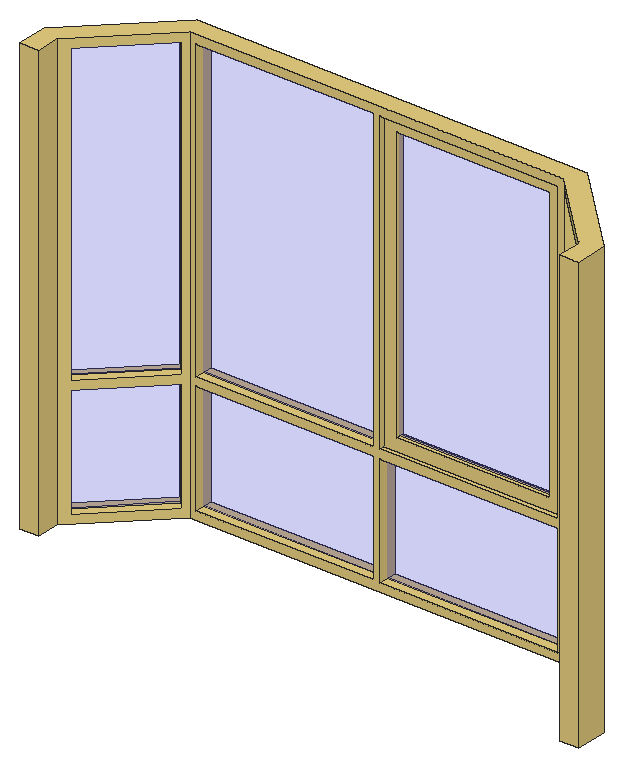
Revit family "WBY_A3-Bay-2707x2107-BW2106-18-06", category Windows, host Wall, Revit 2016
Family settings
  Host = Wall
  Always vertical = Yes
  Cut with Voids When Loaded = No
  Shared = No
  Room Calculation Point = No
Parameters (values of type "2707 x 2107 BW2106 18 06")
  half = Frame Thickness / 2  # 45 mm
  URL = "www.canterbury.com.au"
  Panel Thickness = 40 mm
  Offset = (Frame Thickness - Glass Thickness) / 2  # 41 mm
  Model = "Bay Window"
  Manufacturer Code = "BW2106 18 06"
  Manufacturer = "Caterbury"
  Height = 2107 mm
  Wall Closure = By host
  Width = 2707 mm
  Head Height = 2300 mm
  Glass Thickness = 8 mm
  Glass Material = Glass
  Frame Thickness = 90 mm
  Frame Material = Kiln Dried Wood
  Assembly Code = "B2020100"
Reference planes
  plane 1 "Center": y = 0
  plane 2 "Center (Left/Right)": x = 0
  plane 3 "Left": x = -1353.5
  plane 4 "Right": x = 1353.5
  plane 5 "Sill": z = 193
  plane 6 "Head": z = 2300
  plane 7 "Exterior": y = 75
  plane 8 "Interior": y = -75
  plane 9: y = 485
  plane 10: z = 2260
  plane 11: z = 233
  plane 12: z = 793
  plane 13: z = 813
  plane 14: z = 773
  plane 15: y = 440
Forms (mm)
  Extrusion 1, solid, material "Kiln Dried Wood" <- "Frame Material"
    sketch origin (0, 0, 0) x (1, 0, 0) y (0, 1, 0)
      loop
        line (-1353.5, -75) -> (-1263.5, -75) -> (-1263.5, 37.721) -> (-906.221, 395) -> (906.221, 395) -> (1263.5, 37.721) -> (1263.5, -75) -> (1353.5, -75) -> (1353.5, 75) -> (943.5, 485) -> (-943.5, 485) -> (-1353.5, 75) -> (-1353.5, -75)
    from 193 to 2300
  Extrusion 2, void
    sketch origin (0, 0, 0) x (1, 0, 0) y (0, 1, 0)
      loop
        line (-1226.221, 75) -> (-927.434, 373.787) -> (-991.074, 437.426) -> (-1289.86, 138.64) -> (-1226.221, 75)
      loop
        line (-876.221, 485) -> (-876.221, 395) -> (-15, 395) -> (-15, 485) -> (-876.221, 485)
      loop
        line (876.221, 485) -> (15, 485) -> (15, 395) -> (876.221, 395) -> (876.221, 485)
      loop
        line (1226.221, 75) -> (1289.86, 138.64) -> (991.074, 437.426) -> (927.434, 373.787) -> (1226.221, 75)
    from 233 to 773
  Extrusion 3, void
    sketch origin (0, 0, 0) x (1, 0, 0) y (0, 1, 0)
      loop
        line (-1226.221, 75) -> (-927.434, 373.787) -> (-991.074, 437.426) -> (-1289.86, 138.64) -> (-1226.221, 75)
      loop
        line (-876.221, 485) -> (-876.221, 395) -> (-15, 395) -> (-15, 485) -> (-876.221, 485)
      loop
        line (876.221, 485) -> (15, 485) -> (15, 395) -> (876.221, 395) -> (876.221, 485)
      loop
        line (1226.221, 75) -> (1289.86, 138.64) -> (991.074, 437.426) -> (927.434, 373.787) -> (1226.221, 75)
    from 813 to 2260
  Extrusion 4, solid, material "Glass" <- "Glass Material"
    sketch origin (0, 0, 0) x (1, 0, 0) y (0, 1, 0)
      loop
        line (-876.221, 444) -> (-876.221, 436) -> (-15, 436) -> (-15, 444) -> (-876.221, 444)
      loop
        line (15, 444) -> (15, 436) -> (876.221, 436) -> (876.221, 444) -> (15, 444)
      loop
        line (-1255.212, 103.991) -> (-956.425, 402.778) -> (-962.082, 408.435) -> (-1260.869, 109.648) -> (-1255.212, 103.991)
      loop
        line (956.425, 402.778) -> (1255.212, 103.991) -> (1260.869, 109.648) -> (962.082, 408.435) -> (956.425, 402.778)
    from 233 to 773
  Extrusion 5, solid, material "Kiln Dried Wood" <- "Frame Material"
    sketch origin (0, 75, 0) x (1, 0, 0) y (0, 0, 1)
      loop
        line (876.221, 2260) -> (15, 2260) -> (15, 813) -> (876.221, 813) -> (876.221, 2260)
      loop
        line (816.221, 2200) -> (75, 2200) -> (75, 873) -> (816.221, 873) -> (816.221, 2200)
    from -385 to -345
  Extrusion 6, solid, material "Glass" <- "Glass Material"
    sketch origin (0, 0, 0) x (1, 0, 0) y (0, 1, 0)
      loop
        line (-876.221, 444) -> (-876.221, 436) -> (-15, 436) -> (-15, 444) -> (-876.221, 444)
      loop
        line (-1255.212, 103.991) -> (-956.425, 402.778) -> (-962.082, 408.435) -> (-1260.869, 109.648) -> (-1255.212, 103.991)
      loop
        line (956.425, 402.778) -> (1255.212, 103.991) -> (1260.869, 109.648) -> (962.082, 408.435) -> (956.425, 402.778)
    from 813 to 2260
  Extrusion 7, solid, material "Glass" <- "Glass Material"
    sketch origin (0, 0, 0) x (1, 0, 0) y (0, 1, 0)
      loop
        line (75, 444) -> (75, 436) -> (816.221, 436) -> (816.221, 444) -> (75, 444)
    from 873 to 2200
Cuts and joins
  Extrusion 2, Extrusion 3 cuts Extrusion 1
Lines and regions (mm)
  Opening 1
    outline origin (3500, -75, 0) x (1, 0, 0) y (0, 0, 1)
      loop
        line (-2146.5, 193) -> (-2146.5, 2300) -> (-4853.5, 2300) -> (-4853.5, 193) -> (-2146.5, 193)
  symbolic lines, style "Elevation Swing"
    curve 1: line (816.221, 75, 2200) -> (445.61, 75, 873)
    curve 2: line (75, 75, 2200) -> (445.61, 75, 873)
Text (mm)
  text "EXTERIOR" at (-2585.082, 1332.353, 0), in view "Ref. Level"
  text "INTERIOR" at (-2585.082, -818.386, 0), in view "Ref. Level"
  text "Exterior" at (0, 923.751, 2943.296), in view "Right"
  text "Exterior" at (0, 1040.484, 2685.409), in view "Left"
Dimensions and locks
  equal spacing: plane 3 "Left", plane 2 "Center (Left/Right)", plane 4 "Right"
  "Width": plane 3 "Left" to plane 4 "Right"
  "Height": plane 5 "Sill" to plane 6 "Head"
  locked: plane 7 "Exterior" to host wall at 0
  locked: plane 8 "Interior" to host wall
  "Head Height": level to plane 6 "Head"
  locked: plane 9 to plane 7 "Exterior" at 410
  "Frame Thickness": Extrusion 1 sketch curve to Extrusion 1 sketch curve  (x3)
  locked: plane 5 "Sill" to plane 11 at 40
  locked: plane 10 to plane 6 "Head" at 40
  locked: plane 5 "Sill" to plane 12 at 600
  locked: plane 14 to plane 12 at 20
  locked: plane 12 to plane 13 at 20
  locked: Extrusion 2 sketch curve to plane 2 "Center (Left/Right)" at 15  (x2)
  locked: Extrusion 1 to Extrusion 2 sketch curve at 30  (x2)
  locked: Extrusion 2 sketch curve to Extrusion 1 at 30  (x2)
  "Offset": Extrusion 4 sketch curve to cut or joined group of Extrusion 1, Extrusion 2, Extrusion 3
  "Offset": cut or joined group of Extrusion 1, Extrusion 2, Extrusion 3 to Extrusion 4 sketch curve  (x5)
  locked: Extrusion 5 sketch curve to Extrusion 5 sketch curve at 60  (x4)
  "Panel Thickness": Extrusion 5 to Extrusion 5
  "half": plane 9 to plane 15
  equal spacing: Extrusion 5, plane 15, Extrusion 5
  aligned and locked: plane 8 "Interior" to Extrusion 1 sketch curve
  aligned and locked: plane 3 "Left" to Extrusion 1 sketch curve
  aligned and locked: plane 9 to Extrusion 1 sketch curve
  aligned and locked: plane 4 "Right" to Extrusion 1 sketch curve
  aligned and locked: Extrusion 1 to plane 6 "Head"
  aligned and locked: plane 5 "Sill" to Extrusion 1
  aligned and locked: Extrusion 1 to Extrusion 2 sketch curve  (x3)
  aligned and locked: Extrusion 2 sketch curve to Extrusion 1  (x3)
  aligned and locked: Extrusion 3 sketch curve to Extrusion 2  (x8)
  aligned and locked: Extrusion 3 sketch curve to Extrusion 1  (x4)
  aligned and locked: Extrusion 1 to Extrusion 3 sketch curve  (x4)
  aligned and locked: plane 10 to Extrusion 3
  aligned and locked: Extrusion 3 to plane 13
  aligned and locked: plane 14 to Extrusion 2
  aligned and locked: Extrusion 2 to plane 11
  aligned and locked: Extrusion 4 sketch curve to cut or joined group of Extrusion 1, Extrusion 2, Extrusion 3  (x4)
  aligned and locked: Extrusion 4 sketch curve to Extrusion 4 sketch curve  (x2)
  aligned and locked: cut or joined group of Extrusion 1, Extrusion 2, Extrusion 3 to Extrusion 4 sketch curve  (x4)
  aligned and locked: plane 14 to Extrusion 4
  aligned and locked: Extrusion 4 to plane 11
  aligned and locked: Extrusion 5 sketch curve to cut or joined group of Extrusion 1, Extrusion 2, Extrusion 3  (x4)
  aligned and locked: Extrusion 6 sketch curve to Extrusion 4  (x7)
  aligned and locked: cut or joined group of Extrusion 1, Extrusion 2, Extrusion 3 to Extrusion 6 sketch curve  (x3)
  aligned and locked: Extrusion 6 sketch curve to cut or joined group of Extrusion 1, Extrusion 2, Extrusion 3
  aligned and locked: cut or joined group of Extrusion 1, Extrusion 2, Extrusion 3 to Extrusion 6  (x2)
  aligned and locked: Extrusion 7 sketch curve to Extrusion 4  (x2)
  aligned and locked: Extrusion 5 to Extrusion 7 sketch curve  (x2)
  aligned and locked: Extrusion 7 to Extrusion 5  (x2)
Automatic sketch dimensions
  Opening 1 sketch curve to plane 3 "Left" = 0 mm
  Opening 1 sketch curve to plane 4 "Right" = 0 mm
  Opening 1 sketch curve to plane 5 "Sill" = 0 mm
  Opening 1 sketch curve to plane 6 "Head" = 0 mm
  Extrusion 1 sketch curve to host wall = 0 mm  (x3)
  Extrusion 1 sketch curve to Extrusion 1 sketch curve = 37.279 mm  (x2)
  Extrusion 1 sketch curve to Extrusion 1 sketch curve = 357.279 mm
  Extrusion 1 sketch curve to plane 9 = 447.279 mm
  Extrusion 1 sketch curve to host wall = 37.279 mm
  plane 4 "Right" to Extrusion 1 sketch curve = 447.279 mm
  Extrusion 2 sketch curve to host wall = 0 mm  (x2)
  Extrusion 2 sketch curve to plane 9 = 111.213 mm
  Extrusion 2 sketch curve to plane 9 = 47.574 mm
  Extrusion 2 sketch curve to Extrusion 2 sketch curve = 63.64 mm
  Extrusion 6 sketch curve to plane 2 "Center (Left/Right)" = 15 mm
  plane 2 "Center (Left/Right)" to curve 2 = 75 mm
  plane 2 "Center (Left/Right)" to curve 1 = 445.61 mm
  plane 13 to curve 2 = 60 mm
  curve 1 to plane 10 = 60 mm
  plane 4 "Right" to curve 1 = 537.279 mm
  curve 2 to plane 10 = 60 mm
